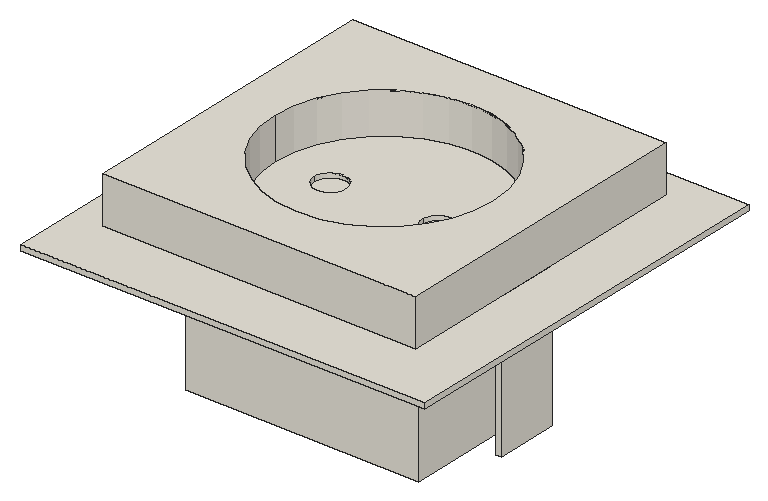
Revit family "Gira_277828", category Electrical Fixtures, host Face, Revit 2017
Family settings
  Host = Face
  Maintain Annotation Orientation = Yes
  Round Connector Dimension = Use Diameter
  Part Type = Normal
  Cut with Voids When Loaded = No
  Shared = No
  Room Calculation Point = No
Parameters (values of type "Steckd. BS 13 A gesch. + SH System 55 Anthrazit")
  Überspannungsschutz = "No"
  Werkstoffgüte = "sonstige"
  Werkstoff = "sonstige"
  Verdrehter Zentraleinsatz = "No"
  URL = "http://katalog.gira.de/de_DE/datenblatt.html?artikelnr=277828"
  Transparent = "Yes"
  Textfeld/Beschriftungsfläche = "No"
  Sonderstromversorgung = "ohne Sonderstromversorgung"
  Schutzleiterkontakt rund = "No"
  Schutzkontakt = "No"
  Region = "DE"
  Oberfläche = "sonstige"
  Nennstrom = "13 Ampere"
  Nennspannung = "250 Volt"
  Name = "Steckd. BS 13 A gesch. + SH System 55 Anthrazit"
  Montageart = "unter Putz"
  Model = "SYS55_Steckdose"
  Mit erhöhtem Berührungsschutz = "Yes"
  Mit eingebauter USB-Spannungsversorgung = "No"
  Mit Signallampe = "No"
  Mit Orientierungsbeleuchtung = "No"
  Mit Klappdeckel = "No"
  Mit Funktionsbeleuchtung = "No"
  Mit Feinsicherung = "No"
  Mit Ein-/Ausschalter = "Yes"
  Mit Durchschleiffunktion = "No"
  Manufacturer URL = "https://www.gira.de/"
  Isolierter Einbau = "No"
  HeinzeBIM = "https://bimportal.heinze.de/bim/steckd-bs-13-a-gesch-sh-system-55-anthrazit/9d7cf256f40490b9202807870fa80db1fb77b265"
  Halogenfrei = "No"
  HAN = "277828"
  Geeignet für Schutzart (IP) = "IP20"
  GTIN = "4010337079507"
  Für "erschwerte Bedingungen" (nach VDE) = "No"
  Fehlerstromschutz = "No"
  Farbe = "anthrazit"
  Default Elevation = 1219.2 mm
  Data sheet (1) = "https://katalog.gira.de/de_DE/download.html?artikelnr=277828"
  Cremeweiß glänzend = Cremeweiß glänzend
  Category = "Steckdose"
  Befestigungsart = "Befestigung mit Schraube"
  Available = "Yes"
  Auswurfmechanismus = "No"
  Ausführung = "British Standard"
  Aufdruck/Kennzeichnung = "ohne Aufdruck"
  Anzahl der Steckdosen schaltbar = "1 "
  Anzahl der Module (bei Modulbauweise) = "1 "
  Anzahl der Einheiten = "1 "
  Antibakterielle Behandlung = "No"
  Anschlussart = "Schraubklemme"
  Abschließbar = "No"
Reference planes
  plane 1 "Center (Front/Back)": y = 0
  plane 2 "Reference Level 0": z = 0
  plane 3 "Center (Left/Right)": x = 0
  plane 4: x = 9.5
  plane 5: x = -9.5
  plane 6: x = 9.5
  plane 7: x = -9.5
  plane 8: x = 9.5
  plane 9: x = -9.5
  plane 10: x = 17.5
  plane 11 "Reference Level 1": z = 8.2
Forms (mm)
  Extrusion 1, solid, material "Cremeweiß glänzend" <- "Cremeweiß glänzend", detail levels coarse
    sketch origin (0, 0, 0) x (1, 0, 0) y (0, 1, 0)
      loop
        line (-35.5, 35.5) -> (-35.5, -35.5) -> (35.5, -35.5) -> (35.5, 35.5) -> (-35.5, 35.5)
    from -27.5 to 8.2
  Extrusion 2, solid, material "Cremeweiß glänzend" <- "Cremeweiß glänzend", detail levels medium+fine
    sketch origin (0, 0, 0) x (1, 0, 0) y (0, 1, 0)
      loop
        line (-35.5, 35.5) -> (-35.5, -35.5) -> (35.5, -35.5) -> (35.5, 35.5) -> (-35.5, 35.5)
    from -2.2 to -3.2
  Extrusion 3, solid, material "Cremeweiß glänzend" <- "Cremeweiß glänzend", detail levels medium+fine
    sketch origin (0, 0, 0) x (1, 0, 0) y (0, 1, 0)
      loop
        line (-27.5, 27.5) -> (-27.5, -27.5) -> (27.5, -27.5) -> (27.5, 27.5) -> (-27.5, 27.5)
      loop
        circle (0, 0) r 19.2
    from 0 to 8.2
  Extrusion 4, solid, material "Cremeweiß glänzend" <- "Cremeweiß glänzend", detail levels fine
    sketch origin (0, 0, 0) x (1, 0, 0) y (0, 1, 0)
      loop
        circle (0, 0) r 19.2
      loop
        circle (9.5, 0) r 2.8
      loop
        circle (-9.5, 0) r 2.8
    from 0 to 1
  Extrusion 5, solid, material "Cremeweiß glänzend" <- "Cremeweiß glänzend", detail levels fine
    sketch origin (0, 0, 0) x (1, 0, 0) y (0, 1, 0)
      loop
        circle (-9.5, 0) r 2.8
      loop
        circle (9.5, 0) r 2.8
    from -2.2 to 0.3
  Extrusion 6, solid, material "Cremeweiß glänzend" <- "Cremeweiß glänzend", detail levels medium
    sketch origin (0, 0, 0) x (1, 0, 0) y (0, 1, 0)
      loop
        circle (0, 0) r 19.2
      loop
        circle (9.5, 0) r 2.8
      loop
        circle (-9.5, 0) r 2.8
    from 7.2 to 8.2
  Extrusion 7, solid, material "Cremeweiß glänzend" <- "Cremeweiß glänzend", detail levels medium
    sketch origin (0, 0, 0) x (1, 0, 0) y (0, 1, 0)
      loop
        circle (-9.5, 0) r 2.8
      loop
        circle (9.5, 0) r 2.8
    from 7.2 to 8.2
  Extrusion 8, solid, material "Cremeweiß glänzend" <- "Cremeweiß glänzend", detail levels medium+fine
    sketch origin (0, 0, 0) x (1, 0, 0) y (0, 1, 0)
      loop
        line (-20.5, 9) -> (-20.5, -18) -> (20.5, -18) -> (20.5, 9) -> (17.5, 9) -> (3, 21) -> (3, 24) -> (-3, 24) -> (-3, 21) -> (-17.5, 9) -> (-20.5, 9)
    from 0 to -27.5
  Extrusion 9, solid, material "Cremeweiß glänzend" <- "Cremeweiß glänzend", detail levels medium+fine
    sketch origin (0, 0, 0) x (1, 0, 0) y (0, 1, 0)
      loop
        line (-25, 5.5) -> (-25, -5.5) -> (-24, -5.5) -> (-24, 5.5) -> (-25, 5.5)
    from 0 to -27.5
  Extrusion 10, solid, material "Cremeweiß glänzend" <- "Cremeweiß glänzend", detail levels medium+fine
    sketch origin (0, 0, 0) x (-1, 0, 0) y (0, -1, 0)
      loop
        line (-25, 5.5) -> (-25, -5.5) -> (-24, -5.5) -> (-24, 5.5) -> (-25, 5.5)
    from 0 to -27.5
Dimensions and locks
  aligned and locked: plane 2 "Reference Level 0" to host face
  aligned and locked: level to host face
  aligned and locked: plane 3 "Center (Left/Right)" to nested 1
  aligned and locked: plane 1 "Center (Front/Back)" to nested 1
Nested families
  nested 1: "Steckdose 1-fach Beschriftung" at (0, 0, 0), type "Steckdose 1-fach Beschriftung"
Connectors
  electrical at (0, 9, -27.5)
    settings: on Extrusion 8, index 1, voltage 220 V, apparent load 0 VA, apparent load phase1 0 VA, apparent load phase2 0 VA, apparent load phase3 0 VA, power factor 1, load classification "Other", number of poles 1, system type 31, power factor state 1, is connector primary yes, connector utility no, sub classification motor no, connector description ""
Definition of nested family "Steckdose 1-fach Beschriftung"
  Reference planes
    plane 1: y = 0
    plane 2: x = 0
  Lines and regions (mm)
    detail lines
      curve 1: line (0, 0, 0) -> (0, 2, 0)
      curve 3: line (0, 2, 0) -> (-1, 2, 0)
      curve 4: arc (1, 3, 0) -> (0, 2, 0) -> (-1, 3, 0) r 1
      curve 5: line (0, 2, 0) -> (1, 2, 0)
    reference lines
      curve 2: line (-0.485, 3, 0) -> (2.315, 3, 0)
  Dimensions and locks
    curve 1 to curve 1 = 2 mm
    plane 1 to curve 2 = 3 mm
    curve 3 to curve 3 = 1 mm
